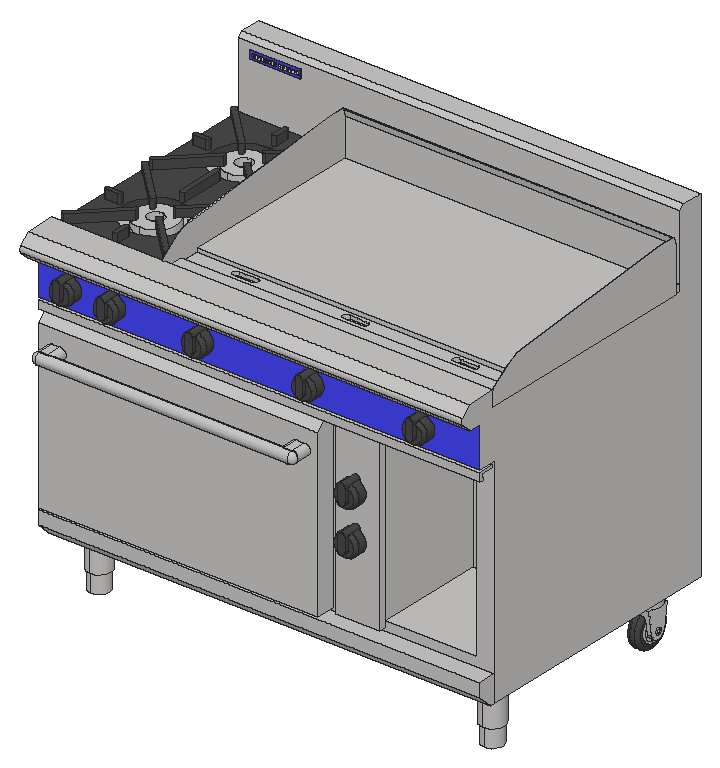
Revit family "QF_MOFFAT_BLUESEAL_CE_GE508A", category Specialty Equipment, Revit 2012
Parameters
  Width = 1200 mm
  Weight in Pounds = 485
  Watts = 6500 W
  Volts = 400 V
  URL Cutsheet = "www.moffat.com"
  URL = "www.moffat.com"
  Type Mark [instance] = ""
  Status [instance] = ""
  Specification by User [instance] = ""
  Specification by Manufacturer = ""
  Show Logo [instance] = yes
  Show Clearance [instance] = yes
  Show Casters [instance] = yes
  Serial Number = ""
  Seismic Rating = ""
  SMACNA No = ""
  Revision Code [instance] = ""
  Phase = 3
  Omniclass Number and Title = ""
  Number of Poles [instance] = 1
  NAFEM Spec ID Number = ""
  Model = "GE508A"
  Min Ckt Ampacity = 0 A
  Mechanical Remarks = ""
  Mechanical Connection Type [instance] = ""
  Max Overcurrent Protection = 0 A
  Masterspec = ""
  Manufacturer = "MOFFAT BLUESEAL"
  Legs [instance] = not(Show Casters)  # no
  Item Number [instance] = ""
  Installed By [instance] = ""
  Identify Quantity as Lot [instance] = yes
  Height = 970 mm
  HP = ""
  Gas Size = 3/4"
  Gas RI Height [instance] = 0 mm
  Gas KW = 32.2
  Gas Input [instance] = 109946.0 Btu/h
  Gas Connection Height = 0 mm
  Furnished By [instance] = ""
  Foodservice Equipment Identifier [instance] = yes
  FL Amps = 9.4 A
  Electrical Remarks = "9.4A PER PHASE"
  Electric Connection Type = ""
  Elec Conn RI Height = 0 mm
  Elec Conn Connection Height = 0 mm
  Description = "1200MM GAS RANGE WITH ELECTRIC STATIC OVEN"
  Depth = 812 mm
  Cycle = 50 Hz
  Conn Plug = ""
  Conn Conduit = yes
  CSI MasterFormat = ""
  CSI Master Format = ""
  Body Finish = QF_Finishes_Stainless Steel
  Apparent Power = 0 VA
Reference planes
  plane 1 "BACK": y = 0
  plane 2: z = 0
  plane 3 "LEFT": x = 0
  plane 4 "RIGHT": x = 1200
  plane 5 "FRONT": y = -812
  plane 6 "TOP": z = 970
  plane 7 "Center Y": x = 600
  plane 8 "Center X": y = -406
  plane 9: x = 280
  plane 10: y = -574.272
  plane 11: x = 60
  plane 12: y = -304.972
  plane 13: y = -364.972
  plane 14: x = 74
  plane 15: y = -812
  plane 16: x = 1134.5
  plane 17: y = -32
  plane 18: z = 655
  plane 19: x = 65.5
  plane 20: x = 65.8
  plane 21: z = 1085
  plane 22: y = -705
Forms (mm)
  Extrusion 1, solid, material "QF_Finishes_Stainless Steel" <- "Body Finish"
    sketch origin (0, 0, 0) x (0, 1, 0) y (0, 0, 1)
      loop
        line (0, 150) -> (0, 1085) -> (-57.5, 1085) -> (-70, 1072.5) -> (-70, 875) -> (-705, 875) -> (-705, 915) -> (-783.97, 915) -> (-808.49, 890.48)
        arc (-808.49, 890.48) -> (-812.002, 882) -> (-808.49, 873.52) r 11.993
        line (-808.49, 873.52) -> (-784.97, 850) -> (-749, 850) -> (-749, 740) -> (-699, 740) -> (-699, 150) -> (0, 150)
      loop
        line (-749, 222.5) -> (-749, 186) -> (-713.26, 150.26) -> (-701, 150.26) -> (-701, 222.5) -> (-749, 222.5)
      loop
        line (-749, 710) -> (-740.224, 710) -> (-742.613, 726.999) -> (-707.93, 726.999) -> (-707.93, 734.003) -> (-749, 734.003) -> (-749, 710)
    from 0 to 1200
  Extrusion 2, solid, material "QF_Finishes_Stainless Steel"
    sketch origin (0, 7, 0) x (0, 1, 0) y (0, 0, 1)
      loop
        line (-706, 700) -> (-732, 700) -> (-756, 676) -> (-756, 227.5) -> (-706, 227.5) -> (-706, 700)
    from 0 to 760
  Extrusion 3, solid, material "QF_Finishes_Stainless Steel"
    sketch origin (723.5, 7, 0) x (0, 1, 0) y (0, 0, 1)
      loop
        line (-706, 700) -> (-721, 700) -> (-721, 227.5) -> (-706, 227.5) -> (-706, 700)
    from 56.898 to 176.5
  Revolve 4, solid, material "QF_Finishes_Stainless Steel" <- "Body Finish"
    sketch origin (1134.5, -696.126, 0) x (0, 1, 0) y (0, 0, -1)
      loop
        line (39.376, -150) -> (71.126, -150) -> (71.126, 0) -> (43.626, 0) -> (43.626, -50) -> (39.376, -50) -> (39.376, -150)
      axis (71.126, -150) -> (71.126, 0)
    angle from 0 to 360
  Revolve 5, solid, material "QF_Finishes_Stainless Steel" <- "Body Finish"
    sketch origin (65.5, -696.126, 0) x (0, 1, 0) y (0, 0, 1)
      loop
        line (39.376, 150) -> (39.376, 50) -> (43.626, 50) -> (43.626, 0) -> (71.126, 0) -> (71.126, 150) -> (39.376, 150)
      axis (71.126, 150) -> (71.126, 0)
    angle from 0 to 360
  Extrusion 6, solid, material "QF_Finishes_Stainless Steel"
    sketch origin (-64.5, 0, 325) x (1, 0, 0) y (0, 1, 0)
      loop
        circle (1134.5, -32) r 10
    from 330 to 374.856
  Extrusion 7, void
    sketch origin (0, -703.73, 150) x (0, 0, -1) y (-1, 0, 0)
      loop
        line (-526, -900) -> (-526, -1150) -> (-96, -1150) -> (-96, -900) -> (-526, -900)
    from 0 to 304.8
  Extrusion 8, solid, material "QF_Finishes_Black"
    sketch origin (0, -70, 875) x (0, -1, 0) y (1, 0, 0)
      loop
        arc (1, 4) -> (1.879, 1.879) -> (4, 1) r 3
        line (4, 1) -> (632, 1)
        arc (632, 1) -> (634.121, 1.879) -> (635, 4) r 3
        line (635, 4) -> (635, 297.232)
        arc (635, 297.232) -> (634.121, 299.354) -> (632, 300.232) r 3
        line (632, 300.232) -> (4, 300.232)
        arc (4, 300.232) -> (1.879, 299.354) -> (1, 297.232) r 3
        line (1, 297.232) -> (1, 4)
      loop
        circle (167.5, 150) r 85
      loop
        circle (467.768, 150) r 85
    from 0 to 19.5
  Extrusion 9, solid, material "QF_Finishes_Black"
    sketch origin (0, -70, 894.5) x (0, -1, 0) y (1, 0, 0)
      loop
        spline (327.102, 15.153) -> (326.181, 13.924) -> (325.631, 12.47) -> (325.49, 10.89) -> (325.767, 9.292) -> (326.443, 7.786) -> (327.473, 6.473) -> (328.786, 5.443) -> (330.292, 4.767) -> (331.89, 4.49) -> (333.47, 4.631) -> (334.924, 5.181) -> (336.153, 6.102)
        line (336.153, 6.102) -> (444.076, 114.025)
        spline (444.076, 114.025) -> (444.837, 115.095) -> (445.238, 116.399) -> (445.251, 117.851) -> (444.875, 119.35) -> (444.137, 120.795) -> (443.086, 122.086) -> (441.795, 123.137) -> (440.35, 123.875) -> (438.851, 124.251) -> (437.399, 124.238) -> (436.095, 123.837) -> (435.025, 123.076)
        line (435.025, 123.076) -> (327.102, 15.153)
      loop
        line (611.398, 15.153) -> (503.475, 123.076)
        spline (503.475, 123.076) -> (502.405, 123.837) -> (501.101, 124.238) -> (499.649, 124.251) -> (498.15, 123.875) -> (496.705, 123.137) -> (495.414, 122.086) -> (494.363, 120.795) -> (493.625, 119.35) -> (493.249, 117.851) -> (493.262, 116.399) -> (493.663, 115.095) -> (494.424, 114.025)
        line (494.424, 114.025) -> (602.347, 6.102)
        spline (602.347, 6.102) -> (603.416, 5.341) -> (604.721, 4.941) -> (606.172, 4.928) -> (607.671, 5.303) -> (609.116, 6.041) -> (610.408, 7.092) -> (611.459, 8.384) -> (612.197, 9.829) -> (612.572, 11.328) -> (612.559, 12.779) -> (612.159, 14.084) -> (611.398, 15.153)
      loop
        spline (379.102, 143.6) -> (380.396, 143.818) -> (381.602, 144.457) -> (382.638, 145.475) -> (383.432, 146.8) -> (383.932, 148.344) -> (384.102, 150) -> (383.932, 151.656) -> (383.432, 153.2) -> (382.638, 154.525) -> (381.602, 155.543) -> (380.396, 156.182) -> (379.102, 156.4)
        line (379.102, 156.4) -> (259.398, 156.4)
        spline (259.398, 156.4) -> (258.104, 156.182) -> (256.898, 155.543) -> (255.862, 154.525) -> (255.068, 153.2) -> (254.568, 151.656) -> (254.398, 150) -> (254.568, 148.344) -> (255.068, 146.8) -> (255.862, 145.475) -> (256.898, 144.457) -> (258.104, 143.818) -> (259.398, 143.6)
        line (259.398, 143.6) -> (379.102, 143.6)
      loop
        spline (23.602, 15.153) -> (22.681, 13.924) -> (22.131, 12.47) -> (21.99, 10.89) -> (22.267, 9.292) -> (22.943, 7.786) -> (23.973, 6.473) -> (25.286, 5.443) -> (26.792, 4.767) -> (28.39, 4.49) -> (29.97, 4.631) -> (31.424, 5.181) -> (32.653, 6.102)
        line (32.653, 6.102) -> (140.576, 114.025)
        spline (140.576, 114.025) -> (141.337, 115.095) -> (141.738, 116.399) -> (141.751, 117.851) -> (141.375, 119.35) -> (140.637, 120.795) -> (139.586, 122.086) -> (138.295, 123.137) -> (136.85, 123.875) -> (135.351, 124.251) -> (133.899, 124.238) -> (132.595, 123.837) -> (131.525, 123.076)
        line (131.525, 123.076) -> (23.602, 15.153)
      loop
        line (311.398, 15.153) -> (203.475, 123.076)
        spline (203.475, 123.076) -> (202.405, 123.837) -> (201.101, 124.238) -> (199.649, 124.251) -> (198.15, 123.875) -> (196.705, 123.137) -> (195.414, 122.086) -> (194.363, 120.795) -> (193.625, 119.35) -> (193.249, 117.851) -> (193.262, 116.399) -> (193.663, 115.095) -> (194.424, 114.025)
        line (194.424, 114.025) -> (302.347, 6.102)
        spline (302.347, 6.102) -> (303.416, 5.341) -> (304.721, 4.941) -> (306.172, 4.928) -> (307.671, 5.303) -> (309.116, 6.041) -> (310.408, 7.092) -> (311.459, 8.384) -> (312.197, 9.829) -> (312.572, 11.328) -> (312.559, 12.779) -> (312.159, 14.084) -> (311.398, 15.153)
      loop
        line (327.102, 284.847) -> (435.025, 176.924)
        spline (435.025, 176.924) -> (436.095, 176.163) -> (437.399, 175.762) -> (438.851, 175.749) -> (440.35, 176.125) -> (441.795, 176.863) -> (443.086, 177.914) -> (444.137, 179.205) -> (444.875, 180.65) -> (445.251, 182.149) -> (445.238, 183.601) -> (444.837, 184.905) -> (444.076, 185.975)
        line (444.076, 185.975) -> (336.153, 293.898)
        spline (336.153, 293.898) -> (334.924, 294.819) -> (333.47, 295.369) -> (331.89, 295.51) -> (330.292, 295.233) -> (328.786, 294.557) -> (327.473, 293.527) -> (326.443, 292.214) -> (325.767, 290.708) -> (325.49, 289.11) -> (325.631, 287.53) -> (326.181, 286.076) -> (327.102, 284.847)
      loop
        spline (611.398, 284.847) -> (612.159, 285.916) -> (612.559, 287.221) -> (612.572, 288.672) -> (612.197, 290.171) -> (611.459, 291.616) -> (610.408, 292.908) -> (609.116, 293.959) -> (607.671, 294.697) -> (606.172, 295.072) -> (604.721, 295.059) -> (603.416, 294.659) -> (602.347, 293.898)
        line (602.347, 293.898) -> (494.424, 185.975)
        spline (494.424, 185.975) -> (493.663, 184.905) -> (493.262, 183.601) -> (493.249, 182.149) -> (493.625, 180.65) -> (494.363, 179.205) -> (495.414, 177.914) -> (496.705, 176.863) -> (498.15, 176.125) -> (499.649, 175.749) -> (501.101, 175.762) -> (502.405, 176.163) -> (503.475, 176.924)
        line (503.475, 176.924) -> (611.398, 284.847)
      loop
        line (23.602, 284.847) -> (131.525, 176.924)
        spline (131.525, 176.924) -> (132.595, 176.163) -> (133.899, 175.762) -> (135.351, 175.749) -> (136.85, 176.125) -> (138.295, 176.863) -> (139.586, 177.914) -> (140.637, 179.205) -> (141.375, 180.65) -> (141.751, 182.149) -> (141.738, 183.601) -> (141.337, 184.905) -> (140.576, 185.975)
        line (140.576, 185.975) -> (32.653, 293.898)
        spline (32.653, 293.898) -> (31.424, 294.819) -> (29.97, 295.369) -> (28.39, 295.51) -> (26.792, 295.233) -> (25.286, 294.557) -> (23.973, 293.527) -> (22.943, 292.214) -> (22.267, 290.708) -> (21.99, 289.11) -> (22.131, 287.53) -> (22.681, 286.076) -> (23.602, 284.847)
      loop
        spline (311.398, 284.847) -> (312.159, 285.916) -> (312.559, 287.221) -> (312.572, 288.672) -> (312.197, 290.171) -> (311.459, 291.616) -> (310.408, 292.908) -> (309.116, 293.959) -> (307.671, 294.697) -> (306.172, 295.072) -> (304.721, 295.059) -> (303.416, 294.659) -> (302.347, 293.898)
        line (302.347, 293.898) -> (194.424, 185.975)
        spline (194.424, 185.975) -> (193.663, 184.905) -> (193.262, 183.601) -> (193.249, 182.149) -> (193.625, 180.65) -> (194.363, 179.205) -> (195.414, 177.914) -> (196.705, 176.863) -> (198.15, 176.125) -> (199.649, 175.749) -> (201.101, 175.762) -> (202.405, 176.163) -> (203.475, 176.924)
        line (203.475, 176.924) -> (311.398, 284.847)
      loop
        spline (473.9, 292.104) -> (473.682, 293.398) -> (473.043, 294.604) -> (472.025, 295.64) -> (470.7, 296.434) -> (469.156, 296.934) -> (467.5, 297.104) -> (465.844, 296.934) -> (464.3, 296.434) -> (462.975, 295.64) -> (461.957, 294.604) -> (461.318, 293.398) -> (461.1, 292.104)
        line (461.1, 292.104) -> (461.1, 242.13)
        spline (461.1, 242.13) -> (461.318, 240.836) -> (461.957, 239.63) -> (462.975, 238.595) -> (464.3, 237.8) -> (465.844, 237.301) -> (467.5, 237.13) -> (469.156, 237.301) -> (470.7, 237.8) -> (472.025, 238.595) -> (473.043, 239.63) -> (473.682, 240.836) -> (473.9, 242.13)
        line (473.9, 242.13) -> (473.9, 292.104)
      loop
        spline (173.9, 292.104) -> (173.682, 293.398) -> (173.043, 294.604) -> (172.025, 295.64) -> (170.7, 296.434) -> (169.156, 296.934) -> (167.5, 297.104) -> (165.844, 296.934) -> (164.3, 296.434) -> (162.975, 295.64) -> (161.957, 294.604) -> (161.318, 293.398) -> (161.1, 292.104)
        line (161.1, 292.104) -> (161.1, 242.13)
        spline (161.1, 242.13) -> (161.318, 240.836) -> (161.957, 239.63) -> (162.975, 238.595) -> (164.3, 237.8) -> (165.844, 237.301) -> (167.5, 237.13) -> (169.156, 237.301) -> (170.7, 237.8) -> (172.025, 238.595) -> (173.043, 239.63) -> (173.682, 240.836) -> (173.9, 242.13)
        line (173.9, 242.13) -> (173.9, 292.104)
      loop
        spline (65.602, 143.6) -> (66.896, 143.818) -> (68.102, 144.457) -> (69.138, 145.475) -> (69.932, 146.8) -> (70.432, 148.344) -> (70.602, 150) -> (70.432, 151.656) -> (69.932, 153.2) -> (69.138, 154.525) -> (68.102, 155.543) -> (66.896, 156.182) -> (65.602, 156.4)
        line (65.602, 156.4) -> (29.398, 156.4)
        spline (29.398, 156.4) -> (28.104, 156.182) -> (26.898, 155.543) -> (25.862, 154.525) -> (25.068, 153.2) -> (24.568, 151.656) -> (24.398, 150) -> (24.568, 148.344) -> (25.068, 146.8) -> (25.862, 145.475) -> (26.898, 144.457) -> (28.104, 143.818) -> (29.398, 143.6)
        line (29.398, 143.6) -> (65.602, 143.6)
      loop
        spline (605.602, 143.6) -> (606.896, 143.818) -> (608.102, 144.457) -> (609.138, 145.475) -> (609.932, 146.8) -> (610.432, 148.344) -> (610.602, 150) -> (610.432, 151.656) -> (609.932, 153.2) -> (609.138, 154.525) -> (608.102, 155.543) -> (606.896, 156.182) -> (605.602, 156.4)
        line (605.602, 156.4) -> (569.398, 156.4)
        spline (569.398, 156.4) -> (568.104, 156.182) -> (566.898, 155.543) -> (565.862, 154.525) -> (565.068, 153.2) -> (564.568, 151.656) -> (564.398, 150) -> (564.568, 148.344) -> (565.068, 146.8) -> (565.862, 145.475) -> (566.898, 144.457) -> (568.104, 143.818) -> (569.398, 143.6)
        line (569.398, 143.6) -> (605.602, 143.6)
      loop
        line (460.626, 50.584) -> (460.626, 16.591)
        spline (460.626, 16.591) -> (460.844, 15.297) -> (461.483, 14.091) -> (462.501, 13.055) -> (463.826, 12.261) -> (465.37, 11.761) -> (467.026, 11.591) -> (468.682, 11.761) -> (470.226, 12.261) -> (471.551, 13.055) -> (472.569, 14.091) -> (473.208, 15.297) -> (473.426, 16.591)
        line (473.426, 16.591) -> (473.426, 50.584)
        spline (473.426, 50.584) -> (473.208, 51.878) -> (472.569, 53.084) -> (471.551, 54.119) -> (470.226, 54.914) -> (468.682, 55.413) -> (467.026, 55.584) -> (465.37, 55.413) -> (463.826, 54.914) -> (462.501, 54.119) -> (461.483, 53.084) -> (460.844, 51.878) -> (460.626, 50.584)
      loop
        line (160.11, 50.584) -> (160.11, 16.591)
        spline (160.11, 16.591) -> (160.328, 15.297) -> (160.967, 14.091) -> (161.984, 13.055) -> (163.31, 12.261) -> (164.853, 11.761) -> (166.51, 11.591) -> (168.166, 11.761) -> (169.71, 12.261) -> (171.035, 13.055) -> (172.052, 14.091) -> (172.692, 15.297) -> (172.91, 16.591)
        line (172.91, 16.591) -> (172.91, 50.584)
        spline (172.91, 50.584) -> (172.692, 51.878) -> (172.052, 53.084) -> (171.035, 54.119) -> (169.71, 54.914) -> (168.166, 55.413) -> (166.51, 55.584) -> (164.853, 55.413) -> (163.31, 54.914) -> (161.984, 54.119) -> (160.967, 53.084) -> (160.328, 51.878) -> (160.11, 50.584)
    from 0 to 23.5
  Revolve 10, solid, material "QF_Finishes_Black"
    sketch origin (90.649, 45.874, -0.118) x (0, 1, 0) y (0, 0, -1)
      loop
        line (-827.874, -829.5) -> (-804.874, -829.5) -> (-804.874, -802) -> (-794.874, -802) -> (-794.874, -797) -> (-838.874, -797) -> (-838.874, -823.651) -> (-827.874, -829.5)
      axis (-838.874, -797) -> (-794.874, -797)
    angle from 0 to 360
  Revolve 11, solid, material "QF_Finishes_Black"
    sketch origin (210.649, 45.874, -0.118) x (0, 1, 0) y (0, 0, -1)
      loop
        line (-827.874, -829.5) -> (-804.874, -829.5) -> (-804.874, -802) -> (-794.874, -802) -> (-794.874, -797) -> (-838.874, -797) -> (-838.874, -823.651) -> (-827.874, -829.5)
      axis (-838.874, -797) -> (-794.874, -797)
    angle from 0 to 360
  Revolve 12, solid, material "QF_Finishes_Black"
    sketch origin (450.345, 45.874, -0.118) x (0, 1, 0) y (0, 0, -1)
      loop
        line (-827.874, -829.5) -> (-804.874, -829.5) -> (-804.874, -802) -> (-794.874, -802) -> (-794.874, -797) -> (-838.874, -797) -> (-838.874, -823.651) -> (-827.874, -829.5)
      axis (-838.874, -797) -> (-794.874, -797)
    angle from 0 to 360
  Extrusion 13, solid, material "QF_Finishes_Black"
    sketch origin (238.456, 7, -0.118) x (-1, 0, 0) y (0, 0, -1)
      loop
        arc (158.3, -789) -> (148.3, -779) -> (138.3, -789) r 10
        line (138.3, -789) -> (138.3, -824)
        arc (138.3, -824) -> (148.3, -834) -> (158.3, -824) r 10
        line (158.3, -824) -> (158.3, -789)
    from 759 to 808
  Extrusion 14, solid, material "QF_Finishes_Black"
    sketch origin (358.456, 7, -0.118) x (-1, 0, 0) y (0, 0, -1)
      loop
        arc (158.3, -789) -> (148.3, -779) -> (138.3, -789) r 10
        line (138.3, -789) -> (138.3, -824)
        arc (138.3, -824) -> (148.3, -834) -> (158.3, -824) r 10
        line (158.3, -824) -> (158.3, -789)
    from 759 to 808
  Extrusion 15, solid, material "QF_Finishes_Black"
    sketch origin (598.152, 7, -0.118) x (-1, 0, 0) y (0, 0, -1)
      loop
        arc (158.3, -789) -> (148.3, -779) -> (138.3, -789) r 10
        line (138.3, -789) -> (138.3, -824)
        arc (138.3, -824) -> (148.3, -834) -> (158.3, -824) r 10
        line (158.3, -824) -> (158.3, -789)
    from 759 to 808
  Revolve 16, solid, material "QF_Finishes_Black"
    sketch origin (836.851, 80.874, -246.368) x (0, 1, 0) y (0, 0, 1)
      loop
        line (-827.874, 829.5) -> (-838.874, 823.651) -> (-838.874, 797) -> (-794.874, 797) -> (-794.874, 802) -> (-804.874, 802) -> (-804.874, 829.5) -> (-827.874, 829.5)
      axis (-838.874, 797) -> (-794.874, 797)
    angle from 0 to 360
  Extrusion 17, solid, material "QF_Finishes_Black"
    sketch origin (389.044, 42, -246.368) x (1, 0, 0) y (0, 0, 1)
      loop
        line (458.3, 789) -> (458.3, 824)
        arc (458.3, 824) -> (448.3, 834) -> (438.3, 824) r 10
        line (438.3, 824) -> (438.3, 789)
        arc (438.3, 789) -> (448.3, 779) -> (458.3, 789) r 10
    from 759 to 808
  Extrusion 18, solid, material "QF_Door-Drawer Clearances", visible <- "Show Clearance", detail levels coarse
    sketch origin (760, 7, 0) x (0, 1, 0) y (0, 0, 1)
      loop
        arc (-756, 697.347) -> (-1088.232, 559.732) -> (-1225.847, 227.5) r 469.847
        line (-1225.847, 227.5) -> (-756, 227.5) -> (-756, 697.347)
    from 0 to -760
  Extrusion 19, void
    sketch origin (0, 0, 150) x (-1, 0, 0) y (0, -1, 0)
      loop
        line (-1133.988, 87.26) -> (-1133.988, -30.24) -> (-1004.488, -30.24) -> (-1004.488, 38.76) -> (-1052.988, 87.26) -> (-1133.988, 87.26)
    from 72.5 to 549.856
  Extrusion 20, solid, material "QF_Finishes_Stainless Steel"
    sketch origin (0, -749, 227.5) x (0, 0, 1) y (-1, 0, 0)
      loop
        line (380.625, -38.246) -> (380.625, -58.528)
        arc (380.625, -58.528) -> (395.625, -73.528) -> (410.625, -58.528) r 15
        line (410.625, -58.528) -> (410.625, -38.246)
        arc (410.625, -38.246) -> (395.625, -23.246) -> (380.625, -38.246) r 15
      loop
        arc (380.625, -723.039) -> (395.625, -738.039) -> (410.625, -723.039) r 15
        line (410.625, -723.039) -> (410.625, -702.757)
        arc (410.625, -702.757) -> (395.625, -687.757) -> (380.625, -702.757) r 15
        line (380.625, -702.757) -> (380.625, -723.039)
    from 0 to 44
  Revolve 21, solid, material "QF_Finishes_Stainless Steel"
    sketch origin (0, -793, 0) x (1, 0, 0) y (0, 0, 1)
      loop
        arc (738.039, 623.125) -> (733.646, 633.732) -> (723.039, 638.125) r 15
        line (723.039, 638.125) -> (38.246, 638.125)
        arc (38.246, 638.125) -> (27.64, 633.732) -> (23.246, 623.125) r 15
        line (23.246, 623.125) -> (738.039, 623.125)
      axis (738.039, 623.125) -> (23.246, 623.125)
    angle from 0 to 360
  Extrusion 22, solid, material "QF_Finishes_Stainless Steel"
    sketch origin (0, -70, 875) x (0, -1, 0) y (1, 0, 0)
      loop
        circle (467.5, 150) r 57
      loop
        circle (167.5, 150) r 57
      loop
        circle (467.5, 150) r 22
      loop
        circle (167.5, 150) r 22
    from 0 to 19.5
  Extrusion 23, solid, material "QF_Finishes_Stainless Steel"
    sketch origin (0, 0, 0) x (1, 0, 0) y (0, 1, 0)
      loop
        circle (826, -501) r 6.35
    from 148.072 to 150
  Extrusion 24, solid, material "QF_Finishes_Stainless Steel", visible <- "Show Casters"
    sketch origin (71.501, 133.353, -8.783) x (0, 1, 0) y (0, 0, 1)
      loop
        line (-201.603, 118.783) -> (-265.103, 118.783) -> (-252.746, 53.895)
        arc (-252.746, 53.895) -> (-233.353, 38.783) -> (-213.959, 53.895) r 20
        line (-213.959, 53.895) -> (-201.603, 118.783)
    from -35.667 to 22.923
  Revolve 25, solid, material "QF_Finishes_Stainless Steel", visible <- "Show Casters"
    sketch origin (65, -203, 0) x (0, 1, 0) y (0, 0, 1)
      loop
        line (67.25, 150) -> (67.25, 110) -> (103, 110) -> (103, 150) -> (67.25, 150)
      axis (103, 150) -> (103, 110)
    angle from 0 to 360
  Revolve 26, solid, material "QF_Finishes_Stainless Steel", visible <- "Show Casters"
    sketch origin (1134.5, -203, 0) x (0, 1, 0) y (0, 0, -1)
      loop
        line (67.25, -150) -> (103, -150) -> (103, -110) -> (67.25, -110) -> (67.25, -150)
      axis (103, -150) -> (103, -110)
    angle from 0 to 360
  Revolve 27, solid, material "QF_Finishes_Stainless Steel", visible <- "Show Casters"
    sketch origin (1085.276, -99.755, -13.653) x (1, 0, 0) y (0, 0, 1)
      loop
        line (14.841, 64.453) -> (83.584, 64.453) -> (83.584, 67.958) -> (82.314, 69.228) -> (80.79, 69.228) -> (80.79, 72.674) -> (68.644, 72.674) -> (68.644, 82.639) -> (65.088, 84.692) -> (63.738, 93.028) -> (65.881, 93.028) -> (65.881, 99.378) -> (65.088, 99.378) -> (65.088, 105.728)
        arc (65.088, 105.728) -> (62.298, 112.463) -> (55.563, 115.253) r 9.525
        line (55.563, 115.253) -> (42.863, 115.253)
        arc (42.863, 115.253) -> (36.127, 112.463) -> (33.338, 105.728) r 9.525
        line (33.338, 105.728) -> (33.338, 99.378) -> (32.544, 99.378) -> (32.544, 93.028) -> (34.687, 93.028) -> (33.352, 84.781) -> (29.782, 82.719) -> (29.782, 72.674) -> (17.635, 72.674) -> (17.635, 69.228) -> (16.111, 69.228) -> (14.841, 67.958) -> (14.841, 64.453)
      axis (14.841, 64.453) -> (83.584, 64.453)
    angle from 0 to 360
  Extrusion 28, solid, material "QF_Finishes_Stainless Steel", visible <- "Show Casters"
    sketch origin (1141.001, 133.353, -8.783) x (0, 1, 0) y (0, 0, 1)
      loop
        line (-201.603, 118.783) -> (-265.103, 118.783) -> (-252.746, 53.895)
        arc (-252.746, 53.895) -> (-233.353, 38.783) -> (-213.959, 53.895) r 20
        line (-213.959, 53.895) -> (-201.603, 118.783)
    from -35.667 to 22.923
  Revolve 29, solid, material "QF_Finishes_Stainless Steel", visible <- "Legs"
    sketch origin (65, -165, 0) x (0, 1, 0) y (0, 0, 1)
      loop
        line (33.25, 150) -> (33.25, 50) -> (37.5, 50) -> (37.5, 0) -> (65, 0) -> (65, 150) -> (33.25, 150)
      axis (65, 150) -> (65, 0)
    angle from 0 to 360
  Revolve 30, solid, material "QF_Finishes_Stainless Steel", visible <- "Legs"
    sketch origin (1134.5, -165, 0) x (0, 1, 0) y (0, 0, -1)
      loop
        line (33.25, -150) -> (65, -150) -> (65, 0) -> (37.5, 0) -> (37.5, -50) -> (33.25, -50) -> (33.25, -150)
      axis (65, -150) -> (65, 0)
    angle from 0 to 360
  Revolve 31, solid, material "QF_Finishes_Stainless Steel", visible <- "Show Casters"
    sketch origin (114.224, -99.755, -13.653) x (-1, 0, 0) y (0, 0, -1)
      loop
        line (14.841, -64.453) -> (14.841, -67.958) -> (16.111, -69.228) -> (17.635, -69.228) -> (17.635, -72.674) -> (29.782, -72.674) -> (29.782, -82.719) -> (33.352, -84.781) -> (34.687, -93.028) -> (32.544, -93.028) -> (32.544, -99.378) -> (33.338, -99.378) -> (33.338, -105.728)
        arc (33.338, -105.728) -> (36.127, -112.463) -> (42.863, -115.253) r 9.525
        line (42.863, -115.253) -> (55.563, -115.253)
        arc (55.563, -115.253) -> (62.298, -112.463) -> (65.088, -105.728) r 9.525
        line (65.088, -105.728) -> (65.088, -99.378) -> (65.881, -99.378) -> (65.881, -93.028) -> (63.738, -93.028) -> (65.088, -84.692) -> (68.644, -82.639) -> (68.644, -72.674) -> (80.79, -72.674) -> (80.79, -69.228) -> (82.314, -69.228) -> (83.584, -67.958) -> (83.584, -64.453) -> (14.841, -64.453)
      axis (14.841, -64.453) -> (83.584, -64.453)
    angle from 0 to 360
  Revolve 32, solid, material "QF_Finishes_Black"
    sketch origin (836.851, 80.874, -366.368) x (0, 1, 0) y (0, 0, 1)
      loop
        line (-827.874, 829.5) -> (-838.874, 823.651) -> (-838.874, 797) -> (-794.874, 797) -> (-794.874, 802) -> (-804.874, 802) -> (-804.874, 829.5) -> (-827.874, 829.5)
      axis (-838.874, 797) -> (-794.874, 797)
    angle from 0 to 360
  Extrusion 33, solid, material "QF_Finishes_Black"
    sketch origin (389.044, 42, -366.368) x (1, 0, 0) y (0, 0, 1)
      loop
        line (458.3, 789) -> (458.3, 824)
        arc (458.3, 824) -> (448.3, 834) -> (438.3, 824) r 10
        line (438.3, 824) -> (438.3, 789)
        arc (438.3, 789) -> (448.3, 779) -> (458.3, 789) r 10
    from 759 to 808
  Revolve 34, solid, material "QF_Finishes_Black"
    sketch origin (750.232, 45.874, -0.118) x (0, 1, 0) y (0, 0, -1)
      loop
        line (-827.874, -829.5) -> (-804.874, -829.5) -> (-804.874, -802) -> (-794.874, -802) -> (-794.874, -797) -> (-838.874, -797) -> (-838.874, -823.651) -> (-827.874, -829.5)
      axis (-838.874, -797) -> (-794.874, -797)
    angle from 0 to 360
  Extrusion 35, solid, material "QF_Finishes_Black"
    sketch origin (898.039, 7, -0.118) x (-1, 0, 0) y (0, 0, -1)
      loop
        arc (158.3, -789) -> (148.3, -779) -> (138.3, -789) r 10
        line (138.3, -789) -> (138.3, -824)
        arc (138.3, -824) -> (148.3, -834) -> (158.3, -824) r 10
        line (158.3, -824) -> (158.3, -789)
    from 759 to 808
  Revolve 36, solid, material "QF_Finishes_Black"
    sketch origin (1050.119, 45.874, -0.118) x (0, 1, 0) y (0, 0, -1)
      loop
        line (-827.874, -829.5) -> (-804.874, -829.5) -> (-804.874, -802) -> (-794.874, -802) -> (-794.874, -797) -> (-838.874, -797) -> (-838.874, -823.651) -> (-827.874, -829.5)
      axis (-838.874, -797) -> (-794.874, -797)
    angle from 0 to 360
  Extrusion 37, solid, material "QF_Finishes_Black"
    sketch origin (1197.926, 7, -0.118) x (-1, 0, 0) y (0, 0, -1)
      loop
        arc (158.3, -789) -> (148.3, -779) -> (138.3, -789) r 10
        line (138.3, -789) -> (138.3, -824)
        arc (138.3, -824) -> (148.3, -834) -> (158.3, -824) r 10
        line (158.3, -824) -> (158.3, -789)
    from 759 to 808
Cuts and joins
  Extrusion 7, Extrusion 19 cuts Extrusion 1
Lines and regions (mm)
  Split face 1
    outline origin (1200, 0, 1085) x (-1, 0, 0) y (0, -1, 0)
      loop
        arc (935.206, 45.185) -> (926.545, 40.185) -> (926.545, 30.185) r 10
        line (926.545, 30.185) -> (930.587, 23.185)
        arc (930.587, 23.185) -> (934.247, 19.525) -> (939.247, 18.185) r 10
        line (939.247, 18.185) -> (1167.206, 18.185)
        arc (1167.206, 18.185) -> (1175.866, 23.185) -> (1175.866, 33.185) r 10
        line (1175.866, 33.185) -> (1171.824, 40.185)
        arc (1171.824, 40.185) -> (1168.164, 43.845) -> (1163.164, 45.185) r 10
        line (1163.164, 45.185) -> (935.206, 45.185)
  Split face 2
    outline origin (1200, 0, 1085) x (-1, 0, 0) y (0, -1, 0)
      loop
        arc (635.206, 45.185) -> (626.545, 40.185) -> (626.545, 30.185) r 10
        line (626.545, 30.185) -> (630.587, 23.185)
        arc (630.587, 23.185) -> (634.247, 19.525) -> (639.247, 18.185) r 10
        line (639.247, 18.185) -> (867.206, 18.185)
        arc (867.206, 18.185) -> (875.866, 23.185) -> (875.866, 33.185) r 10
        line (875.866, 33.185) -> (871.824, 40.185)
        arc (871.824, 40.185) -> (868.164, 43.845) -> (863.164, 45.185) r 10
        line (863.164, 45.185) -> (635.206, 45.185)
  Split face 3
    outline origin (1200, 0, 1085) x (-1, 0, 0) y (0, -1, 0)
      loop
        arc (335.206, 45.185) -> (326.545, 40.185) -> (326.545, 30.185) r 10
        line (326.545, 30.185) -> (330.587, 23.185)
        arc (330.587, 23.185) -> (334.247, 19.525) -> (339.247, 18.185) r 10
        line (339.247, 18.185) -> (567.206, 18.185)
        arc (567.206, 18.185) -> (575.866, 23.185) -> (575.866, 33.185) r 10
        line (575.866, 33.185) -> (571.824, 40.185)
        arc (571.824, 40.185) -> (568.164, 43.845) -> (563.164, 45.185) r 10
        line (563.164, 45.185) -> (335.206, 45.185)
  Split face 4
    outline origin (1200, 0, 1085) x (-1, 0, 0) y (0, -1, 0)
      loop
        arc (35.206, 45.185) -> (26.545, 40.185) -> (26.545, 30.185) r 10
        line (26.545, 30.185) -> (30.587, 23.185)
        arc (30.587, 23.185) -> (34.247, 19.525) -> (39.247, 18.185) r 10
        line (39.247, 18.185) -> (267.206, 18.185)
        arc (267.206, 18.185) -> (275.866, 23.185) -> (275.866, 33.185) r 10
        line (275.866, 33.185) -> (271.824, 40.185)
        arc (271.824, 40.185) -> (268.164, 43.845) -> (263.164, 45.185) r 10
        line (263.164, 45.185) -> (35.206, 45.185)
  symbolic lines
    curve 1: line (0, 0, 0) -> (0, -812, 0)
    curve 2: line (1200, 0, 0) -> (0, 0, 0)
    curve 3: line (1200, -812, 0) -> (1200, 0, 0)
    curve 4: line (0, -70, 0) -> (1200, -70, 0)
    curve 5: line (1200, -812, 0) -> (0, -812, 0)
    curve 6: line (1200, -708.3, 0) -> (0, -708.3, 0)
    curve 7: line (0, -705, 0) -> (1200, -705, 0)
    curve 8: line (1200, -72.734, 0) -> (0, -72.734, 0)
    curve 9: arc (22.65, -812, 0) -> (34.104, -822.278, 0) -> (48.889, -826.544, 0) r 34.455
    curve 10: line (48.889, -826.544, 0) -> (718.108, -826.544, 0)
    curve 11: arc (718.108, -826.544, 0) -> (732.653, -822.647, 0) -> (743.3, -812, 0) r 29.089
    curve 12: line (6.08, -94.387, 0) -> (121.515, -209.822, 0)
    curve 13: line (293.92, -94.387, 0) -> (178.485, -209.822, 0)
    curve 14: line (6.83, -379.864, 0) -> (121.515, -265.178, 0)
    curve 15: line (292.516, -379.21, 0) -> (178.485, -265.178, 0)
    curve 16: line (6.08, -398.155, 0) -> (121.515, -510.089, 0)
    curve 17: line (293.92, -398.155, 0) -> (178.485, -510.089, 0)
    curve 18: line (9.883, -677.078, 0) -> (121.515, -565.446, 0)
    curve 19: line (291.622, -678.583, 0) -> (178.485, -565.446, 0)
    curve 20: arc (150, -294.5, 0) -> (207, -237.5, 0) -> (150, -180.5, 0) r 57
    curve 21: arc (150, -180.5, 0) -> (93, -237.5, 0) -> (150, -294.5, 0) r 57
    curve 22: arc (150, -594.5, 0) -> (207, -537.5, 0) -> (150, -480.5, 0) r 57
    curve 23: arc (150, -480.5, 0) -> (93, -537.5, 0) -> (150, -594.5, 0) r 57
    curve 24: line (297.78, -237.81, 0) -> (237.78, -237.81, 0)
    curve 25: line (149.618, -450.258, 0) -> (149.618, -325.258, 0)
    curve 26: line (297.78, -537.81, 0) -> (237.78, -537.81, 0)
    curve 27: line (149.197, -139.807, 0) -> (149.197, -94.807, 0)
    curve 28: line (149.197, -674.807, 0) -> (149.197, -634.807, 0)
    curve 29: line (49.678, -236.51, 0) -> (14.678, -236.51, 0)
    curve 30: line (49.678, -536.51, 0) -> (14.678, -536.51, 0)
    curve 34: arc (150, -322.5, 0) -> (65, -237.5, 0) -> (150, -152.5, 0) r 85
    curve 35: arc (150, -152.5, 0) -> (235, -237.5, 0) -> (150, -322.5, 0) r 85
    curve 36: arc (150, -452.768, 0) -> (235, -537.768, 0) -> (150, -622.768, 0) r 85
    curve 37: arc (150, -622.768, 0) -> (65, -537.768, 0) -> (150, -452.768, 0) r 85
    curve 38: line (300.232, -72.734, 0) -> (300.232, -705, 0)
    curve 39: line (0, -390.308, 0) -> (300.232, -390.308, 0)
    curve 40: arc (150, -215.5, 0) -> (172, -237.5, 0) -> (150, -259.5, 0) r 22
    curve 41: arc (150, -259.5, 0) -> (128, -237.5, 0) -> (150, -215.5, 0) r 22
    curve 42: arc (150, -515.5, 0) -> (172, -537.5, 0) -> (150, -559.5, 0) r 22
    curve 43: arc (150, -559.5, 0) -> (128, -537.5, 0) -> (150, -515.5, 0) r 22
    curve 44: line (1160.753, -18.185, 0) -> (932.794, -18.185, 0)
    curve 45: arc (932.794, -18.185, 0) -> (924.134, -23.185, 0) -> (924.134, -33.185, 0) r 10
    curve 46: line (924.134, -33.185, 0) -> (928.176, -40.185, 0)
    curve 47: arc (928.176, -40.185, 0) -> (931.836, -43.845, 0) -> (936.836, -45.185, 0) r 10
    curve 48: line (936.836, -45.185, 0) -> (1164.794, -45.185, 0)
    curve 49: arc (1164.794, -45.185, 0) -> (1173.455, -40.185, 0) -> (1173.455, -30.185, 0) r 10
    curve 50: line (1173.455, -30.185, 0) -> (1169.413, -23.185, 0)
    curve 51: arc (1169.413, -23.185, 0) -> (1165.753, -19.525, 0) -> (1160.753, -18.185, 0) r 10
    curve 52: line (632.794, -18.185, 0) -> (860.753, -18.185, 0)
    curve 53: arc (860.753, -18.185, 0) -> (865.753, -19.525, 0) -> (869.413, -23.185, 0) r 10
    curve 54: line (869.413, -23.185, 0) -> (873.455, -30.185, 0)
    curve 55: arc (873.455, -30.185, 0) -> (873.455, -40.185, 0) -> (864.794, -45.185, 0) r 10
    curve 56: line (864.794, -45.185, 0) -> (636.836, -45.185, 0)
    curve 57: arc (636.836, -45.185, 0) -> (631.836, -43.845, 0) -> (628.176, -40.185, 0) r 10
    curve 58: line (628.176, -40.185, 0) -> (624.134, -33.185, 0)
    curve 59: arc (624.134, -33.185, 0) -> (624.134, -23.185, 0) -> (632.794, -18.185, 0) r 10
    curve 60: line (332.794, -18.185, 0) -> (560.753, -18.185, 0)
    curve 61: arc (560.753, -18.185, 0) -> (565.753, -19.525, 0) -> (569.413, -23.185, 0) r 10
    curve 62: line (569.413, -23.185, 0) -> (573.455, -30.185, 0)
    curve 63: arc (573.455, -30.185, 0) -> (573.455, -40.185, 0) -> (564.794, -45.185, 0) r 10
    curve 64: line (564.794, -45.185, 0) -> (336.836, -45.185, 0)
    curve 65: arc (336.836, -45.185, 0) -> (331.836, -43.845, 0) -> (328.176, -40.185, 0) r 10
    curve 66: line (328.176, -40.185, 0) -> (324.134, -33.185, 0)
    curve 67: arc (324.134, -33.185, 0) -> (324.134, -23.185, 0) -> (332.794, -18.185, 0) r 10
    curve 68: line (260.753, -18.185, 0) -> (32.794, -18.185, 0)
    curve 69: arc (32.794, -18.185, 0) -> (24.134, -23.185, 0) -> (24.134, -33.185, 0) r 10
    curve 70: line (24.134, -33.185, 0) -> (28.176, -40.185, 0)
    curve 71: arc (28.176, -40.185, 0) -> (31.836, -43.845, 0) -> (36.836, -45.185, 0) r 10
    curve 72: line (36.836, -45.185, 0) -> (264.794, -45.185, 0)
    curve 73: arc (264.794, -45.185, 0) -> (273.455, -40.185, 0) -> (273.455, -30.185, 0) r 10
    curve 74: line (273.455, -30.185, 0) -> (269.413, -23.185, 0)
    curve 75: arc (269.413, -23.185, 0) -> (265.753, -19.525, 0) -> (260.753, -18.185, 0) r 10
    curve 76: line (0, -57.5, 0) -> (1200, -57.5, 0)
    curve 77: line (0, -783.97, 0) -> (1200, -783.97, 0)
  symbolic lines, style "QF_Door-Drawer Clearances", visible <- "Show Clearance"
    curve 31: line (0, -1218.847, 0) -> (760, -1218.847, 0)
    curve 32: line (760, -1218.847, 0) -> (760, -812, 0)
    curve 33: line (0, -1218.847, 0) -> (0, -812, 0)
Dimensions and locks
  equal spacing: plane 3 "LEFT", plane 7 "Center Y", plane 4 "RIGHT"
  "Width": plane 3 "LEFT" to plane 4 "RIGHT"
  equal spacing: plane 5 "FRONT", plane 8 "Center X", plane 1 "BACK"
  plane 5 "FRONT" to plane 1 "BACK" = 812 mm  (x2)
  equal spacing: plane 4 "RIGHT", plane 7 "Center Y", plane 3 "LEFT"
  plane 4 "RIGHT" to plane 3 "LEFT" = 1200 mm
  "Height": plane 6 "TOP" to level
  plane 10 to plane 1 "BACK" = 574.272 mm
  plane 12 to plane 1 "BACK" = 304.972 mm  (x2)
  plane 11 to plane 3 "LEFT" = 60 mm
  plane 14 to plane 3 "LEFT" = 74 mm
  plane 9 to plane 3 "LEFT" = 280 mm
  "Depth": plane 1 "BACK" to plane 15
  plane 5 "FRONT" to plane 15 = 0 mm
  plane 6 "TOP" to plane 2 = 970 mm
  plane 2 to Extrusion 1 sketch curve = 875 mm
  locked: plane 2 to Extrusion 1 sketch curve at 915
  locked: plane 4 "RIGHT" to plane 16 at 65.5
  Extrusion 8 sketch curve to plane 20 = 64.8 mm
  Extrusion 23 sketch curve to plane 4 "RIGHT" = 374 mm
  Extrusion 23 sketch curve to plane 1 "BACK" = 501 mm
  plane 21 to level = 1085 mm
  Revolve 27 sketch curve to Revolve 27 sketch curve = 50.8 mm
  Revolve 31 sketch curve to Revolve 31 sketch curve = 50.8 mm
  aligned and locked: level to plane 2
  aligned and locked: curve 3 to plane 4 "RIGHT"
  aligned and locked: Extrusion 1 to plane 4 "RIGHT"
  aligned and locked: plane 16 to Revolve 4
  aligned and locked: Extrusion 18 to Extrusion 2
Automatic sketch dimensions
  curve 20 to curve 34 = 0 mm
  curve 21 to curve 35 = 0 mm
  curve 21 to curve 41 = 0 mm
  curve 22 to curve 43 = 0 mm
  curve 23 to curve 43 = 0 mm
  curve 35 to curve 41 = 0 mm
  plane 1 "BACK" to curve 1 = 0 mm
  curve 1 to plane 3 "LEFT" = 0 mm
  plane 5 "FRONT" to curve 9 = 0 mm
  plane 22 to curve 38 = 0 mm
  plane 3 "LEFT" to curve 16 = 6.08 mm
  plane 3 "LEFT" to curve 12 = 6.08 mm
  plane 3 "LEFT" to curve 14 = 6.83 mm
  plane 3 "LEFT" to curve 18 = 9.883 mm
  plane 3 "LEFT" to curve 29 = 14.678 mm
  plane 3 "LEFT" to curve 30 = 14.678 mm
  plane 3 "LEFT" to curve 9 = 22.65 mm
  curve 70 to plane 17 = 1.185 mm
  plane 3 "LEFT" to curve 70 = 24.134 mm
  curve 69 to curve 71 = 4.041 mm
  curve 69 to curve 69 = 8.66 mm
  curve 71 to curve 71 = 8.66 mm
  curve 10 to plane 11 = 11.111 mm
  curve 29 to plane 11 = 10.322 mm
  curve 30 to plane 11 = 10.322 mm
  curve 9 to plane 11 = 9.192 mm
  plane 10 to curve 18 = 8.826 mm
  plane 14 to curve 18 = 47.515 mm
  plane 14 to curve 14 = 47.515 mm
  plane 14 to curve 12 = 47.515 mm
  plane 14 to curve 16 = 47.515 mm
  curve 18 to curve 28 = 27.682 mm
  plane 14 to curve 27 = 75.197 mm
  curve 25 to plane 12 = 20.285 mm
  curve 14 to curve 25 = 28.103 mm
  curve 16 to curve 22 = 28.485 mm
  curve 12 to curve 41 = 28.485 mm
  curve 25 to curve 37 = 0.382 mm
  curve 42 to curve 17 = 28.485 mm
  curve 40 to curve 13 = 28.485 mm
  plane 10 to curve 19 = 8.826 mm
  curve 42 to curve 19 = 28.485 mm
  plane 12 to curve 15 = 39.794 mm
  curve 40 to curve 15 = 28.485 mm
  curve 24 to plane 9 = 42.22 mm
  curve 26 to plane 9 = 42.22 mm
  curve 68 to plane 9 = 19.247 mm
  curve 73 to plane 9 = 15.206 mm
  curve 75 to curve 75 = 8.66 mm
  plane 17 to curve 74 = 1.815 mm
  curve 74 to plane 9 = 6.545 mm
  plane 9 to curve 19 = 11.622 mm
  plane 9 to curve 15 = 12.516 mm
  plane 9 to curve 13 = 13.92 mm
  plane 9 to curve 17 = 13.92 mm
  plane 9 to curve 24 = 17.78 mm
  plane 9 to curve 26 = 17.78 mm
  plane 9 to curve 38 = 20.232 mm
  curve 67 to plane 17 = 1.185 mm
  plane 9 to curve 67 = 44.134 mm
  curve 66 to plane 17 = 8.185 mm
  curve 66 to curve 66 = 4.041 mm
  plane 17 to curve 67 = 13.815 mm
  curve 67 to curve 67 = 8.66 mm
  curve 65 to curve 64 = 8.66 mm
  curve 60 to plane 7 "Center Y" = 39.247 mm
  curve 61 to curve 64 = 4.041 mm
  curve 61 to curve 61 = 8.66 mm
  plane 17 to curve 63 = 1.815 mm
  curve 61 to curve 63 = 4.041 mm
  curve 59 to plane 17 = 1.185 mm
  plane 7 "Center Y" to curve 59 = 24.134 mm
  curve 59 to curve 57 = 4.041 mm  (x2)
  plane 17 to curve 59 = 13.815 mm
  curve 59 to curve 59 = 8.66 mm
  curve 57 to plane 17 = 3.185 mm
  curve 55 to plane 17 = 3.185 mm
  curve 53 to curve 55 = 4.041 mm
  plane 17 to curve 54 = 8.815 mm
  curve 53 to curve 54 = 8.66 mm
  plane 17 to curve 55 = 1.815 mm
  curve 54 to curve 55 = 4.041 mm
  curve 46 to plane 17 = 1.185 mm
  curve 54 to curve 46 = 50.679 mm
  curve 45 to curve 47 = 4.041 mm  (x2)
  curve 45 to curve 44 = 8.66 mm
  curve 47 to plane 17 = 3.185 mm
  plane 17 to curve 44 = 13.815 mm
  plane 16 to curve 44 = 26.253 mm
  curve 49 to plane 17 = 3.185 mm
  curve 51 to curve 49 = 4.041 mm
  curve 51 to curve 51 = 8.66 mm
  plane 17 to curve 50 = 1.815 mm
  curve 51 to curve 50 = 4.041 mm
  plane 5 "FRONT" to curve 9 = 14.544 mm
  curve 33 to curve 9 = 392.303 mm
  curve 77 to plane 5 "FRONT" = 28.03 mm
  plane 22 to curve 6 = 3.3 mm
  curve 19 to plane 22 = 26.417 mm
  curve 18 to plane 22 = 27.922 mm
  curve 28 to plane 22 = 30.193 mm
  curve 28 to curve 28 = 40 mm
  curve 28 to curve 36 = 12.039 mm
  curve 23 to plane 10 = 20.228 mm
  plane 10 to curve 42 = 14.772 mm
  plane 10 to curve 26 = 36.462 mm
  curve 42 to curve 36 = 21.732 mm
  curve 36 to curve 42 = 0.268 mm
  plane 10 to curve 30 = 37.763 mm
  curve 43 to curve 16 = 5.411 mm
  curve 42 to curve 17 = 5.411 mm
  curve 37 to curve 25 = 2.51 mm
  plane 8 "Center X" to curve 16 = 7.845 mm
  plane 8 "Center X" to curve 17 = 7.845 mm
  curve 17 to curve 39 = 7.846 mm
  curve 39 to curve 14 = 10.445 mm
  curve 39 to curve 15 = 11.099 mm
  curve 25 to curve 34 = 2.758 mm
  plane 12 to curve 21 = 10.472 mm
  plane 12 to curve 14 = 39.794 mm
  curve 14 to curve 41 = 5.678 mm
  curve 15 to curve 24 = 27.368 mm
  curve 40 to curve 34 = 22 mm
  plane 12 to curve 29 = 68.463 mm
  curve 40 to curve 13 = 5.678 mm
  curve 41 to curve 12 = 5.678 mm
  curve 34 to curve 27 = 12.693 mm
  curve 27 to curve 27 = 45 mm
  curve 13 to plane 17 = 62.387 mm
  curve 12 to plane 17 = 62.387 mm
  curve 12 to curve 8 = 21.653 mm
  curve 8 to curve 4 = 2.734 mm
  curve 4 to curve 76 = 12.5 mm
  curve 73 to plane 17 = 13.185 mm
  curve 63 to plane 17 = 13.185 mm
  curve 70 to curve 69 = 7 mm
  plane 17 to curve 75 = 3.815 mm
  plane 17 to curve 61 = 3.815 mm
  plane 17 to curve 51 = 3.815 mm
  plane 17 to curve 69 = 3.815 mm
  Extrusion 1 sketch curve to plane 22 = 0 mm
  Extrusion 1 sketch curve to plane 21 = 0 mm
  Extrusion 1 sketch curve to plane 1 "BACK" = 0 mm
  plane 22 to Extrusion 1 sketch curve = 2.93 mm
  plane 22 to Extrusion 1 sketch curve = 8.26 mm
  plane 22 to Extrusion 1 sketch curve = 35.224 mm
  Extrusion 1 sketch curve to Extrusion 1 sketch curve = 2.389 mm
  plane 22 to Extrusion 1 sketch curve = 44 mm  (x2)
  Extrusion 1 sketch curve to Extrusion 1 sketch curve = 8.776 mm
  Extrusion 1 sketch curve to plane 5 "FRONT" = 28.03 mm
  Extrusion 1 sketch curve to plane 5 "FRONT" = 27.03 mm
  Extrusion 1 sketch curve to plane 5 "FRONT" = 11.991 mm
  Extrusion 1 sketch curve to plane 5 "FRONT" = 3.51 mm  (x2)
  Extrusion 1 sketch curve to plane 22 = 4 mm
  Extrusion 1 sketch curve to Extrusion 1 sketch curve = 2 mm
  Extrusion 1 sketch curve to plane 21 = 12.5 mm
  Extrusion 1 sketch curve to plane 17 = 38 mm
  Extrusion 1 sketch curve to Extrusion 1 sketch curve = 12.5 mm
  Extrusion 1 sketch curve to Extrusion 1 sketch curve = 41.48 mm
  Extrusion 1 sketch curve to Extrusion 1 sketch curve = 23.52 mm
  plane 18 to Extrusion 1 sketch curve = 85 mm
  Extrusion 1 sketch curve to Extrusion 1 sketch curve = 5.997 mm
  Extrusion 1 sketch curve to Extrusion 1 sketch curve = 7.004 mm
  Extrusion 1 sketch curve to Extrusion 1 sketch curve = 16.999 mm
  level to Extrusion 1 sketch curve = 222.5 mm
  Extrusion 1 sketch curve to Extrusion 1 sketch curve = 36.5 mm
  Extrusion 1 sketch curve to Extrusion 1 sketch curve = 35.74 mm
  level to Extrusion 1 sketch curve = 150 mm
  Extrusion 1 sketch curve to Extrusion 1 sketch curve = 8.48 mm
  plane 22 to Extrusion 2 sketch curve = 44 mm
  plane 22 to Extrusion 2 sketch curve = 20 mm
  Extrusion 2 sketch curve to plane 22 = 6 mm
  level to Extrusion 2 sketch curve = 227.5 mm
  plane 18 to Extrusion 2 sketch curve = 21 mm
  plane 18 to Extrusion 2 sketch curve = 45 mm
  plane 22 to Extrusion 3 sketch curve = 9 mm
  Extrusion 3 sketch curve to plane 22 = 6 mm
  level to Extrusion 3 sketch curve = 227.5 mm
  plane 18 to Extrusion 3 sketch curve = 45 mm
  Revolve 4 sketch curve to level = 0 mm
  Revolve 4 sketch curve to plane 22 = 48.25 mm
  Revolve 4 sketch curve to Revolve 4 sketch curve = 4.25 mm
  Revolve 4 sketch curve to Revolve 4 sketch curve = 27.5 mm  (x2)
  level to Revolve 4 sketch curve = 50 mm
  Revolve 4 sketch curve to Revolve 4 sketch curve = 0 mm
  Revolve 4 sketch curve to Revolve 4 sketch curve = 100 mm
  Revolve 4 sketch curve to Revolve 4 sketch curve = 55 mm
  Revolve 5 sketch curve to level = 0 mm
  Revolve 5 sketch curve to plane 22 = 48.25 mm
  Revolve 5 sketch curve to Revolve 5 sketch curve = 4.25 mm
  Revolve 5 sketch curve to Revolve 5 sketch curve = 27.5 mm  (x2)
  Revolve 5 sketch curve to level = 55 mm
  Revolve 5 sketch curve to Revolve 5 sketch curve = 50 mm
  Revolve 5 sketch curve to Revolve 5 sketch curve = 0 mm
  Revolve 5 sketch curve to Revolve 5 sketch curve = 100 mm
  Extrusion 6 sketch curve to plane 17 = 0 mm
  plane 18 to Extrusion 7 sketch curve = 21 mm
  level to Extrusion 7 sketch curve = 246 mm
  plane 16 to Extrusion 7 sketch curve = 15.5 mm
  plane 22 to Extrusion 8 sketch curve = 0 mm
  Extrusion 8 sketch curve to plane 22 = 3 mm  (x2)
  plane 10 to Extrusion 8 sketch curve = 36.504 mm
  plane 12 to Extrusion 8 sketch curve = 67.472 mm
  Extrusion 8 sketch curve to plane 17 = 42 mm  (x2)
  plane 9 to Extrusion 8 sketch curve = 17.232 mm
  Extrusion 8 sketch curve to Extrusion 8 sketch curve = 3 mm
  plane 14 to Extrusion 8 sketch curve = 76 mm  (x2)
  plane 3 "LEFT" to Extrusion 9 sketch curve = 15.153 mm
  Extrusion 9 sketch curve to plane 17 = 61.602 mm  (x2)
  plane 9 to Extrusion 9 sketch curve = 4.847 mm  (x3)
  Extrusion 9 sketch curve to Extrusion 9 sketch curve = 4.525 mm  (x12)
  Extrusion 9 sketch curve to plane 17 = 67.398 mm
  Extrusion 9 sketch curve to Extrusion 9 sketch curve = 36.204 mm
  plane 14 to Extrusion 9 sketch curve = 49.076 mm
  Extrusion 9 sketch curve to Extrusion 9 sketch curve = 65.923 mm
  Extrusion 9 sketch curve to Extrusion 9 sketch curve = 0 mm  (x2)
  plane 3 "LEFT" to Extrusion 9 sketch curve = 16.591 mm  (x2)
  plane 12 to Extrusion 9 sketch curve = 74.863 mm
  Extrusion 9 sketch curve to Extrusion 9 sketch curve = 20.524 mm  (x3)
  Extrusion 9 sketch curve to Extrusion 9 sketch curve = 6.4 mm  (x7)
  plane 12 to Extrusion 9 sketch curve = 40.548 mm  (x2)
  Extrusion 9 sketch curve to plane 12 = 24.426 mm
  Extrusion 9 sketch curve to plane 13 = 7.374 mm  (x2)
  plane 8 "Center X" to Extrusion 9 sketch curve = 8.898 mm  (x2)
  plane 8 "Center X" to Extrusion 9 sketch curve = 4.372 mm  (x2)
  Extrusion 9 sketch curve to plane 8 "Center X" = 43.102 mm
  Extrusion 9 sketch curve to Extrusion 9 sketch curve = 55.923 mm
  plane 10 to Extrusion 9 sketch curve = 43.646 mm
  plane 10 to Extrusion 9 sketch curve = 43.172 mm
  plane 10 to Extrusion 9 sketch curve = 9.848 mm  (x2)
  plane 10 to Extrusion 9 sketch curve = 5.323 mm  (x2)
  Extrusion 9 sketch curve to plane 10 = 65.126 mm
  plane 9 to Extrusion 9 sketch curve = 13.898 mm
  Extrusion 9 sketch curve to plane 22 = 32.653 mm  (x2)
  plane 3 "LEFT" to Extrusion 9 sketch curve = 6.102 mm  (x3)
  Extrusion 9 sketch curve to plane 22 = 29.398 mm
  Extrusion 9 sketch curve to plane 11 = 9.416 mm  (x2)
  plane 14 to Extrusion 9 sketch curve = 40.025 mm  (x3)
  plane 14 to Extrusion 9 sketch curve = 69.6 mm
  Extrusion 9 sketch curve to Extrusion 9 sketch curve = 53.847 mm  (x4)
  Extrusion 9 sketch curve to plane 9 = 37.87 mm  (x2)
  plane 9 to Extrusion 9 sketch curve = 12.104 mm  (x2)
  Revolve 10 sketch curve to plane 5 "FRONT" = 19 mm
  Revolve 10 sketch curve to Revolve 10 sketch curve = 0 mm  (x2)
  Revolve 10 sketch curve to Revolve 10 sketch curve = 11 mm
  Revolve 10 sketch curve to Revolve 10 sketch curve = 12.7 mm
  Revolve 10 sketch curve to Revolve 10 sketch curve = 23 mm
  Revolve 10 sketch curve to Revolve 10 sketch curve = 10 mm
  Revolve 10 sketch curve to plane 6 "TOP" = 140.618 mm
  Revolve 10 sketch curve to Revolve 10 sketch curve = 5.849 mm
  Revolve 10 sketch curve to Revolve 10 sketch curve = 27.5 mm
  Revolve 10 sketch curve to Revolve 10 sketch curve = 5 mm
  Revolve 11 sketch curve to plane 5 "FRONT" = 19 mm
  Revolve 11 sketch curve to Revolve 11 sketch curve = 0 mm  (x2)
  Revolve 11 sketch curve to Revolve 11 sketch curve = 11 mm
  Revolve 11 sketch curve to Revolve 11 sketch curve = 12.7 mm
  Revolve 11 sketch curve to Revolve 11 sketch curve = 23 mm
  Revolve 11 sketch curve to Revolve 11 sketch curve = 10 mm
  Revolve 11 sketch curve to plane 6 "TOP" = 140.618 mm
  Revolve 11 sketch curve to Revolve 11 sketch curve = 5.849 mm
  Revolve 11 sketch curve to Revolve 11 sketch curve = 27.5 mm
  Revolve 11 sketch curve to Revolve 11 sketch curve = 5 mm
  Revolve 12 sketch curve to plane 5 "FRONT" = 19 mm
  Revolve 12 sketch curve to Revolve 12 sketch curve = 0 mm  (x2)
  Revolve 12 sketch curve to Revolve 12 sketch curve = 11 mm
  Revolve 12 sketch curve to Revolve 12 sketch curve = 12.7 mm
  Revolve 12 sketch curve to Revolve 12 sketch curve = 23 mm
  Revolve 12 sketch curve to Revolve 12 sketch curve = 10 mm
  Revolve 12 sketch curve to plane 6 "TOP" = 140.618 mm
  Revolve 12 sketch curve to Revolve 12 sketch curve = 5.849 mm
  Revolve 12 sketch curve to Revolve 12 sketch curve = 27.5 mm
  Revolve 12 sketch curve to Revolve 12 sketch curve = 5 mm
  plane 14 to Extrusion 13 sketch curve = 26.156 mm
  Extrusion 13 sketch curve to Extrusion 13 sketch curve = 10 mm
  Extrusion 13 sketch curve to plane 6 "TOP" = 146.118 mm
  Extrusion 13 sketch curve to Extrusion 13 sketch curve = 35 mm
  Extrusion 14 sketch curve to plane 9 = 59.844 mm
  Extrusion 14 sketch curve to Extrusion 14 sketch curve = 10 mm
  Extrusion 14 sketch curve to plane 6 "TOP" = 146.118 mm
  Extrusion 14 sketch curve to Extrusion 14 sketch curve = 35 mm
  Extrusion 15 sketch curve to plane 6 "TOP" = 146.118 mm
  Extrusion 15 sketch curve to Extrusion 15 sketch curve = 35 mm
  plane 22 to Revolve 16 sketch curve = 53 mm
  Revolve 16 sketch curve to Revolve 16 sketch curve = 0 mm  (x2)
  Revolve 16 sketch curve to Revolve 16 sketch curve = 11 mm
  Revolve 16 sketch curve to Revolve 16 sketch curve = 12.7 mm
  plane 22 to Revolve 16 sketch curve = 19 mm
  plane 22 to Revolve 16 sketch curve = 9 mm
  Revolve 16 sketch curve to plane 18 = 104.368 mm
  Revolve 16 sketch curve to Revolve 16 sketch curve = 5 mm
  Revolve 16 sketch curve to Revolve 16 sketch curve = 26.651 mm
  Revolve 16 sketch curve to Revolve 16 sketch curve = 5.849 mm
  Extrusion 17 sketch curve to Extrusion 17 sketch curve = 10 mm
  Extrusion 17 sketch curve to plane 18 = 112.368 mm
  Extrusion 17 sketch curve to Extrusion 17 sketch curve = 35 mm
  Extrusion 18 sketch curve to Extrusion 2 = 0 mm  (x2)
  Extrusion 18 sketch curve to Extrusion 18 sketch curve = 469.847 mm
  Extrusion 19 sketch curve to plane 16 = 0.512 mm
  Extrusion 19 sketch curve to plane 17 = 6.76 mm
  Extrusion 19 sketch curve to plane 1 "BACK" = 30.24 mm
  Extrusion 19 sketch curve to plane 17 = 55.26 mm
  Extrusion 20 sketch curve to plane 11 = 1.472 mm
  Extrusion 20 sketch curve to plane 18 = 46.875 mm  (x2)
  Extrusion 20 sketch curve to Extrusion 20 sketch curve = 15 mm  (x2)
  Extrusion 20 sketch curve to Extrusion 20 sketch curve = 20.282 mm  (x2)
  Revolve 21 sketch curve to plane 3 "LEFT" = 6.961 mm
  plane 3 "LEFT" to Revolve 21 sketch curve = 23.246 mm
  Revolve 21 sketch curve to plane 18 = 16.875 mm
  Revolve 21 sketch curve to Revolve 21 sketch curve = 15 mm
  Revolve 21 sketch curve to plane 7 "Center Y" = 11.961 mm
  Revolve 21 sketch curve to Revolve 21 sketch curve = 0 mm
  Extrusion 22 sketch curve to Extrusion 22 sketch curve = 0 mm  (x4)
  plane 12 to Extrusion 22 sketch curve = 67.472 mm
  plane 10 to Extrusion 22 sketch curve = 36.772 mm
  plane 14 to Extrusion 22 sketch curve = 76 mm  (x2)
  Split face 1 sketch curve to cut or joined group of Extrusion 1, Extrusion 7, Extrusion 19 = 27.315 mm
  Split face 1 sketch curve to cut or joined group of Extrusion 1, Extrusion 7, Extrusion 19 = 273.455 mm
  Split face 1 sketch curve to cut or joined group of Extrusion 1, Extrusion 7, Extrusion 19 = 23.185 mm
  Split face 1 sketch curve to Split face 1 sketch curve = 4.041 mm  (x4)
  Split face 1 sketch curve to Split face 1 sketch curve = 8.66 mm  (x2)
  Split face 1 sketch curve to cut or joined group of Extrusion 1, Extrusion 7, Extrusion 19 = 22.315 mm
  Split face 1 sketch curve to cut or joined group of Extrusion 1, Extrusion 7, Extrusion 19 = 36.836 mm
  Split face 1 sketch curve to Split face 1 sketch curve = 17 mm
  Split face 1 sketch curve to Split face 1 sketch curve = 7 mm  (x2)
  Split face 2 sketch curve to cut or joined group of Extrusion 1, Extrusion 7, Extrusion 19 = 27.315 mm
  Split face 2 sketch curve to cut or joined group of Extrusion 1, Extrusion 7, Extrusion 19 = 573.455 mm
  Split face 2 sketch curve to cut or joined group of Extrusion 1, Extrusion 7, Extrusion 19 = 23.185 mm
  Split face 2 sketch curve to Split face 2 sketch curve = 4.041 mm  (x4)
  Split face 2 sketch curve to Split face 2 sketch curve = 8.66 mm  (x2)
  Split face 2 sketch curve to cut or joined group of Extrusion 1, Extrusion 7, Extrusion 19 = 22.315 mm
  Split face 2 sketch curve to Split face 2 sketch curve = 223.917 mm
  Split face 2 sketch curve to cut or joined group of Extrusion 1, Extrusion 7, Extrusion 19 = 17.315 mm
  Split face 2 sketch curve to Split face 2 sketch curve = 17 mm
  Split face 2 sketch curve to Split face 2 sketch curve = 7 mm
  Split face 3 sketch curve to cut or joined group of Extrusion 1, Extrusion 7, Extrusion 19 = 27.315 mm
  Split face 3 sketch curve to cut or joined group of Extrusion 1, Extrusion 7, Extrusion 19 = 326.545 mm
  Split face 3 sketch curve to cut or joined group of Extrusion 1, Extrusion 7, Extrusion 19 = 23.185 mm
  Split face 3 sketch curve to Split face 3 sketch curve = 4.041 mm  (x4)
  Split face 3 sketch curve to Split face 3 sketch curve = 8.66 mm  (x2)
  Split face 3 sketch curve to cut or joined group of Extrusion 1, Extrusion 7, Extrusion 19 = 22.315 mm
  Split face 3 sketch curve to Split face 3 sketch curve = 223.917 mm
  Split face 3 sketch curve to cut or joined group of Extrusion 1, Extrusion 7, Extrusion 19 = 17.315 mm
  Split face 3 sketch curve to Split face 3 sketch curve = 17 mm
  Split face 3 sketch curve to Split face 3 sketch curve = 7 mm
  Split face 4 sketch curve to cut or joined group of Extrusion 1, Extrusion 7, Extrusion 19 = 26.545 mm
  Split face 4 sketch curve to Split face 4 sketch curve = 4.041 mm  (x4)
  Split face 4 sketch curve to Split face 4 sketch curve = 8.66 mm  (x2)
  Split face 4 sketch curve to cut or joined group of Extrusion 1, Extrusion 7, Extrusion 19 = 22.315 mm
  Split face 4 sketch curve to Split face 4 sketch curve = 223.917 mm
  Split face 4 sketch curve to cut or joined group of Extrusion 1, Extrusion 7, Extrusion 19 = 17.315 mm
  Split face 4 sketch curve to Split face 4 sketch curve = 10 mm
